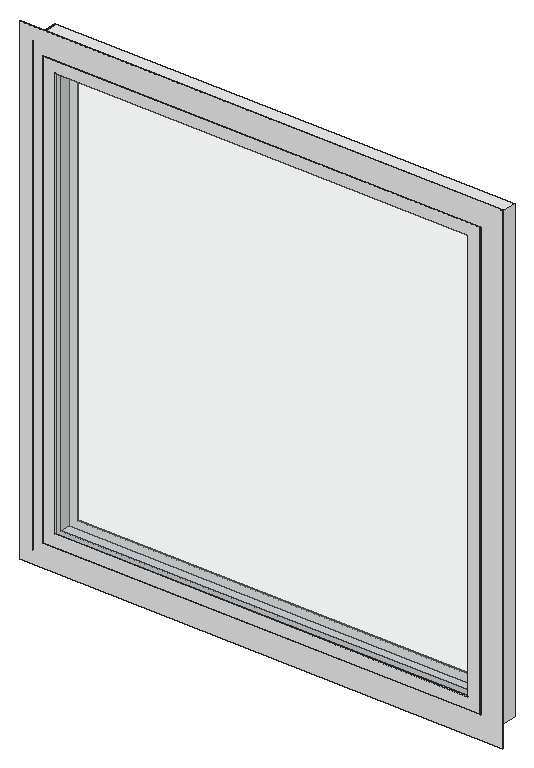
Revit family "Casement_30.5_B_Top_Hung_Standard", category Windows, host Wall, Revit 2014
Parameters (values of type "Casement_Sash_DG")
  Width Sash [instance] = 30 mm
  Width Sash Inner = 15 mm
  Width Bead = 15 mm
  Top Hung [instance] = yes
  Side Hung Right [instance] = yes
  Side Hung Left [instance] = yes
  Sash Opening Width [instance] = 600 mm
  Sash Opening Height [instance] = 600.312 mm
  Sash Lip = 15 mm
  Glazing Material [instance] = Glass
  DG Start Piece 2 [instance] = DG End Piece 1 + DG Gasket Thickness  # 25 mm
  DG Start Peice 1 [instance] = (Depth Sash - (2 * DG Glazing Thickness) - DG Gasket Thickness) / 2  # 6.6 mm
  Glazing Offset = 5 mm
  DG Glazing Thickness [instance] = 6.4 mm
  DG Gasket Thickness = 12 mm  # constant formula
  DG Gasket Material [instance] = none
  DG End Piece 2 [instance] = DG Start Piece 2 + DG Glazing Thickness  # 31.4 mm
  DG End Piece 1 [instance] = DG Start Peice 1 + DG Glazing Thickness  # 13 mm
  Depth Sash [instance] = 38 mm
  Center Vertical Sash [instance] = Sash Opening Height / 2  # 300.156 mm
  Center Horizontal Sash [instance] = Sash Opening Width / 2  # 300 mm
  Bottom Hung [instance] = yes
  Bead Offset = 15 mm
  Aluminium Thickness = 1 mm
  Aluminium Material [instance] = White Powder Coated Aluminium
Reference planes
  plane 1 "Center (Front/Back)": y = 0
  plane 2: z = 0
  plane 3 "Center (Left/Right)": x = 0
Forms (mm)
  Sweep 1, solid, material "White Powder Coated Aluminium" <- "Aluminium Material"
    path origin (16.177, 0, 121.331) x (1, 0, 0) y (0, 0, 1)
      loop
        line (0, 0) -> (600, 0) -> (600, 600.312) -> (0, 600.312) -> (0, 0)
    profile origin (316.177, 0, 121.331) x (0, 0, 1) y (0, -1, 0)
      loop
        line (0, 0) -> (30, 0) -> (30, 1) -> (15, 1) -> (15, 38) -> (-15, 38) -> (-15, 37) -> (0, 37) -> (0, 0)
      loop
        line (14, 1) -> (14, 37) -> (1, 37) -> (1, 1) -> (14, 1)
  Sweep 2, solid, material "White Powder Coated Aluminium" <- "Aluminium Material"
    path origin (0, 0, 0) x (1, 0, 0) y (0, 0, 1)
      loop
        line (31.177, 706.643) -> (31.177, 136.331) -> (601.177, 136.331) -> (601.177, 706.643) -> (31.177, 706.643)
    profile origin (316.177, 0, 706.643) x (0, 0, 1) y (0, -1, 0)
      loop
        line (0, 37) -> (0, 38) -> (-15, 38) -> (-15, 37) -> (0, 37)
  Extrusion 3, solid, material "Glass" <- "Glazing Material"
    sketch origin (0, 0, 0) x (1, 0, 0) y (0, 0, 1)
      loop
        line (36.177, 701.643) -> (36.177, 141.331) -> (596.177, 141.331) -> (596.177, 701.643) -> (36.177, 701.643)
    from 6.6 <- "DG Start Peice 1" to 13 <- "DG End Piece 1"
  Extrusion 4, solid, material "Glass" <- "Glazing Material"
    sketch origin (0, 0, 0) x (1, 0, 0) y (0, 0, 1)
      loop
        line (36.177, 701.643) -> (36.177, 141.331) -> (596.177, 141.331) -> (596.177, 701.643) -> (36.177, 701.643)
    from 31.4 <- "DG End Piece 2" to 25 <- "DG Start Piece 2"
  Sweep 5, solid, material <- "DG Gasket Material"
    path origin (0, -13, 0) x (1, 0, 0) y (0, 0, 1)
      loop
        line (36.177, 701.643) -> (36.177, 141.331) -> (596.177, 141.331) -> (596.177, 701.643) -> (36.177, 701.643)
    profile origin (316.177, -13, 701.643) x (0, 0, 1) y (0, -1, 0)
      loop
        line (0, 0) -> (0, 12) -> (-7.96, 12) -> (-7.96, 0) -> (0, 0)
Lines and regions (mm)
  model lines
    curve 1: line (1.177, -38, 736.643) -> (31.177, -38, 706.643)
    curve 2: line (601.177, -38, 706.643) -> (631.177, -38, 736.643)
    curve 3: line (601.177, -38, 136.331) -> (631.177, -38, 106.331)
    curve 4: line (1.177, -38, 106.331) -> (31.177, -38, 136.331)
    curve 5: line (631.177, -37, 736.643) -> (616.177, -37, 721.643)
    curve 6: line (1.177, -37, 736.643) -> (16.177, -37, 721.643)
    curve 7: line (1.177, -37, 106.331) -> (16.177, -37, 121.331)
    curve 8: line (631.177, -37, 106.331) -> (616.177, -37, 121.331)
    curve 9: line (616.177, 0, 121.331) -> (586.177, 0, 151.331)
    curve 10: line (46.177, 0, 151.331) -> (16.177, 0, 121.331)
    curve 11: line (616.177, 0, 721.643) -> (586.177, 0, 691.643)
    curve 12: line (46.177, 0, 691.643) -> (16.177, 0, 721.643)
    curve 13: line (31.177, -38, 691.643) -> (46.177, -38, 691.643)
    curve 14: line (586.177, -38, 691.643) -> (601.177, -38, 691.643)
    curve 15: line (586.177, -38, 151.331) -> (601.177, -38, 151.331)
    curve 16: line (31.177, -38, 151.331) -> (46.177, -38, 151.331)
  model lines, style "GenericModelHiddenLines", visible <- "Top Hung"
    curve 17: line (46.386, -31.4, 690.914) -> (316.177, -31.4, 151.331)
    curve 18: line (316.177, -31.4, 151.331) -> (586.177, -31.4, 691.331)
  model lines, style "GenericModelHiddenLines", visible <- "Bottom Hung"
    curve 19: line (46.177, -31.4, 151.331) -> (316.177, -31.4, 691.331)
    curve 20: line (316.177, -31.4, 691.331) -> (586.177, -31.4, 151.331)
  model lines, style "GenericModelHiddenLines", visible <- "Side Hung Left"
    curve 21: line (46.386, -31.4, 690.914) -> (585.24, -31.4, 421.487)
    curve 22: line (585.24, -31.4, 421.487) -> (46.177, -31.4, 151.331)
  model lines, style "GenericModelHiddenLines", visible <- "Side Hung Right"
    curve 23: line (586.177, -31.4, 691.331) -> (46.177, -31.4, 421.487)
    curve 24: line (46.177, -31.4, 421.487) -> (586.177, -31.4, 151.331)
Dimensions and locks
  "Aluminium Thickness": Sweep 1 sketch curve to Sweep 1 sketch curve  (x4)
  "Depth Sash": Sweep 1 sketch curve to Sweep 1 sketch curve
  "Sash Opening Width": Sweep 1 to Sweep 1
  "Sash Opening Height": Sweep 1 to Sweep 1
  "Width Sash": Sweep 1 sketch curve to Sweep 1 sketch curve  (x2)
  "Width Sash Inner": Sweep 1 sketch curve to Sweep 1 sketch curve
  "Sash Lip": Sweep 1 sketch curve to Sweep 1 sketch curve
  "Aluminium Thickness": Sweep 1 to Sweep 2 sketch curve
  "Glazing Offset": Sweep 2 to Extrusion 3 sketch curve  (x3)
  "Glazing Offset": Extrusion 3 sketch curve to Sweep 2
  Sweep 1 to Sweep 1 = 1 mm
  "Aluminium Thickness": Sweep 2 sketch curve to Sweep 2 sketch curve
  "Width Bead": Sweep 2 sketch curve to Sweep 2 sketch curve
  locked: Sweep 5 sketch curve to Sweep 5 sketch curve at 7.96
  "Center Horizontal Sash": Sweep 1 to curve 18
  "Center Horizontal Sash": Sweep 1 to curve 20
  "Center Vertical Sash": Sweep 1 to curve 22
  "Center Vertical Sash": Sweep 1 to curve 24
  aligned and locked: level to plane 2
  aligned and locked: Sweep 1 sketch curve to Sweep 1 sketch curve  (x2)
  aligned and locked: Sweep 2 sketch curve to Sweep 1  (x5)
  aligned and locked: Extrusion 4 sketch curve to Extrusion 3  (x4)
  aligned and locked: Sweep 5 sketch curve to Extrusion 3  (x5)
  aligned and locked: Extrusion 3 to Sweep 5 sketch curve
Automatic sketch dimensions
  plane 3 "Center (Left/Right)" to Sweep 1 sketch curve = 16.177 mm
  level to Sweep 1 sketch curve = 121.331 mm
  plane 3 "Center (Left/Right)" to Sweep 1 sketch curve = 616.177 mm
  level to Sweep 1 sketch curve = 721.643 mm
  profile plane to Sweep 5 sketch curve = 12 mm
  curve 7 to Sweep 1 = 0 mm  (x4)
  curve 6 to Sweep 1 = 0 mm  (x3)
  Sweep 1 to curve 6 = 0 mm
  curve 5 to Sweep 1 = 0 mm  (x3)
  curve 8 to Sweep 1 = 0 mm  (x4)
  Sweep 1 to curve 5 = 0 mm
  curve 16 to Sweep 2 = 0 mm  (x3)
  curve 13 to Sweep 2 = 0 mm  (x3)
  curve 15 to Sweep 2 = 0 mm
  Sweep 2 to curve 15 = 0 mm  (x2)
  curve 14 to Sweep 2 = 0 mm  (x2)
  Sweep 2 to curve 14 = 0 mm
  curve 1 to Sweep 1 = 0 mm  (x4)
  curve 4 to Sweep 1 = 0 mm  (x3)
  Sweep 1 to curve 4 = 0 mm
  curve 3 to Sweep 1 = 0 mm  (x3)
  curve 2 to Sweep 1 = 0 mm  (x4)
  Sweep 1 to curve 3 = 0 mm
  curve 10 to Sweep 1 = 0 mm  (x4)
  curve 12 to Sweep 1 = 0 mm  (x3)
  Sweep 1 to curve 12 = 0 mm
  curve 9 to Sweep 1 = 0 mm  (x4)
  curve 11 to Sweep 1 = 0 mm  (x3)
  Sweep 1 to curve 11 = 0 mm
  Sweep 1 sketch curve to plane 1 "Center (Front/Back)" = 0 mm
  profile plane to Sweep 1 sketch curve = 0 mm
  curve 21 to Extrusion 4 = 10.208 mm
  curve 19 to Extrusion 4 = 10 mm
  curve 23 to Extrusion 4 = 10 mm  (x2)
  curve 22 to Extrusion 4 = 10.937 mm
  curve 20 to Extrusion 4 = 10 mm
  curve 24 to Extrusion 4 = 10 mm
  curve 22 to Extrusion 4 = 10 mm
  curve 18 to Extrusion 4 = 10 mm
  curve 21 to Extrusion 4 = 10.729 mm
  curve 19 to Extrusion 4 = 10.312 mm
  curve 18 to Extrusion 4 = 10.312 mm
Types in the file's own list only (6): name | Windload Design | Width Sash Opening | Width Sash | Width Profile | Width Panel 4 | Width Panel 1 | Width | URL | Offset Window Exterior | Max System DG Unit Thickness | Max System DG One Piece Thickness | Max Pane Area | Limit Fixed Panel Width Max | Intruderprufe U Value | Intruderprufe SHGC Value | Intruderprufe LowE U Value | Intruderprufe LowE SHGC Value | Height_x | Height Sash Opening | Energy Advantage U Value | Energy Advantage SHGC Value | DG Thickness Calc | DG Thickness | Custom Window Width | Custom Window Height | Window Exterior Offset | Custom Windload | Custom Sash Width | Sash Spacing Inner | Sash Overlap | Sash Center Offset | SG Gasket Thickness | Offset Sash Left | Offset Sash Top | Offset Panel 4 Left | Offset Mullion Left | Offset Bead SG Center Reversed | Model | Manufacturer | Limit Window Width Min | Limit Window Width Max | Limit Window Height Min | Limit Window Height Max | Limit Sash Width Min | Limit Sash Width Max | Limit Sash Height Min | Limit Sash Height Max | Limit Fixed Panel Width Min | Length Mullion | Height Sash | Height Panel 4 | Double Glazing | Description | Depth Mullion | Frame Center Offset | Depth Bead | Default Sill Height | Wall Closure | DG Gasket Finish | DG Extrusion Start | Mullion Depth Windload Based | Clearvue U Value | Clearvue SHGC Value | Casement Dimension | Bottom Hung | Bead SG Gap | Area Pane Right | Area Pane Left
  305-1206T-1000Pa | 1000 mm | 554 mm | 524 mm | 30 mm | 561 mm | 539 mm | 1190 mm | "http://www.crealco.co.za/crealco-products.php" | 15 mm | 18 mm | 3 mm | 0.29 m² | 1500 mm | 6.07 | 0.541 | 4.68 | 0.48 | 590 mm | 544 mm | 4.79 | 0.508 | 3 mm | 3 mm | 1190 mm | 590 mm | 0 mm | 1000 mm | 554 mm | 8 mm | 7 mm | 12 mm | 6 mm | 23 mm | 23 mm | 599 mm | 569 mm | 15 mm | "Casement 30.5" | "Crealco" | 829 mm | 2129 mm | 346 mm | 796 mm | 300 mm | 1000 mm | 300 mm | 750 mm | 200 mm | 590 mm | 514 mm | 530 mm | No | "Window 30.5mm, Type B top hung" | 32 mm | 15 mm | 17 mm | 800 mm | By host | Double Glazing Gasket Material | 5 mm | 32 mm | 6.21 | 0.567 | 31 mm | No | 13 mm | 0.29 m² | 0.23 m²
  305-1506T-1000Pa | 1000 mm | 554 mm | 524 mm | 30 mm | 861 mm | 539 mm | 1490 mm | "http://www.crealco.co.za/crealco-products.php" | 15 mm | 18 mm | 3 mm | 0.44 m² | 1500 mm | 6.06 | 0.539 | 4.7 | 0.479 | 590 mm | 544 mm | 4.82 | 0.505 | 3 mm | 3 mm | 1490 mm | 590 mm | 0 mm | 1000 mm | 554 mm | 8 mm | 7 mm | 12 mm | 6 mm | 23 mm | 23 mm | 599 mm | 569 mm | 15 mm | "Casement 30.5" | "Crealco" | 829 mm | 2129 mm | 346 mm | 796 mm | 300 mm | 1000 mm | 300 mm | 750 mm | 200 mm | 590 mm | 514 mm | 530 mm | No | "Window 30.5mm, Type B top hung" | 32 mm | 15 mm | 17 mm | 800 mm | By host | Double Glazing Gasket Material | 5 mm | 32 mm | 6.2 | 0.564 | 31 mm | No | 13 mm | 0.44 m² | 0.23 m²
  305-1206T-1500Pa | 1500 mm | 554 mm | 524 mm | 30 mm | 561 mm | 539 mm | 1190 mm | "http://www.crealco.co.za/crealco-products.php" | 15 mm | 18 mm | 3 mm | 0.29 m² | 1500 mm | 6.07 | 0.541 | 4.68 | 0.48 | 590 mm | 544 mm | 4.79 | 0.508 | 3 mm | 3 mm | 1190 mm | 590 mm | 0 mm | 1500 mm | 554 mm | 8 mm | 7 mm | 12 mm | 6 mm | 23 mm | 23 mm | 599 mm | 569 mm | 15 mm | "Casement 30.5" | "Crealco" | 829 mm | 2129 mm | 346 mm | 796 mm | 300 mm | 1000 mm | 300 mm | 750 mm | 200 mm | 590 mm | 514 mm | 530 mm | No | "Window 30.5mm, Type B top hung" | 32 mm | 15 mm | 17 mm | 800 mm | By host | Double Glazing Gasket Material | 5 mm | 32 mm | 6.21 | 0.567 | 31 mm | No | 13 mm | 0.29 m² | 0.23 m²
  305-1206T-2000Pa | 2000 mm | 554 mm | 524 mm | 30 mm | 561 mm | 539 mm | 1190 mm | "http://www.crealco.co.za/crealco-products.php" | 15 mm | 18 mm | 3 mm | 0.29 m² | 1500 mm | 6.07 | 0.541 | 4.68 | 0.48 | 590 mm | 544 mm | 4.79 | 0.508 | 3 mm | 3 mm | 1190 mm | 590 mm | 0 mm | 2000 mm | 554 mm | 8 mm | 7 mm | 12 mm | 6 mm | 23 mm | 23 mm | 599 mm | 569 mm | 15 mm | "Casement 30.5" | "Crealco" | 829 mm | 2129 mm | 346 mm | 796 mm | 300 mm | 1000 mm | 300 mm | 750 mm | 200 mm | 590 mm | 514 mm | 530 mm | No | "Window 30.5mm, Type B top hung" | 32 mm | 15 mm | 17 mm | 800 mm | By host | Double Glazing Gasket Material | 5 mm | 32 mm | 6.21 | 0.567 | 31 mm | No | 13 mm | 0.29 m² | 0.23 m²
  305-1506T-1500Pa | 1500 mm | 554 mm | 524 mm | 30 mm | 861 mm | 539 mm | 1490 mm | "http://www.crealco.co.za/crealco-products.php" | 15 mm | 18 mm | 3 mm | 0.44 m² | 1500 mm | 6.06 | 0.539 | 4.7 | 0.479 | 590 mm | 544 mm | 4.82 | 0.505 | 3 mm | 3 mm | 1490 mm | 590 mm | 0 mm | 1500 mm | 554 mm | 8 mm | 7 mm | 12 mm | 6 mm | 23 mm | 23 mm | 599 mm | 569 mm | 15 mm | "Casement 30.5" | "Crealco" | 829 mm | 2129 mm | 346 mm | 796 mm | 300 mm | 1000 mm | 300 mm | 750 mm | 200 mm | 590 mm | 514 mm | 530 mm | No | "Window 30.5mm, Type B top hung" | 32 mm | 15 mm | 17 mm | 800 mm | By host | Double Glazing Gasket Material | 5 mm | 32 mm | 6.2 | 0.564 | 31 mm | No | 13 mm | 0.44 m² | 0.23 m²
  305-1506T-2000Pa | 2000 mm | 554 mm | 524 mm | 30 mm | 861 mm | 539 mm | 1490 mm | "http://www.crealco.co.za/crealco-products.php" | 15 mm | 18 mm | 3 mm | 0.44 m² | 1500 mm | 6.06 | 0.539 | 4.7 | 0.479 | 590 mm | 544 mm | 4.82 | 0.505 | 3 mm | 3 mm | 1490 mm | 590 mm | 0 mm | 2000 mm | 554 mm | 8 mm | 7 mm | 12 mm | 6 mm | 23 mm | 23 mm | 599 mm | 569 mm | 15 mm | "Casement 30.5" | "Crealco" | 829 mm | 2129 mm | 346 mm | 796 mm | 300 mm | 1000 mm | 300 mm | 750 mm | 200 mm | 590 mm | 514 mm | 530 mm | No | "Window 30.5mm, Type B top hung" | 32 mm | 15 mm | 17 mm | 800 mm | By host | Double Glazing Gasket Material | 5 mm | 32 mm | 6.2 | 0.564 | 31 mm | No | 13 mm | 0.44 m² | 0.23 m²
